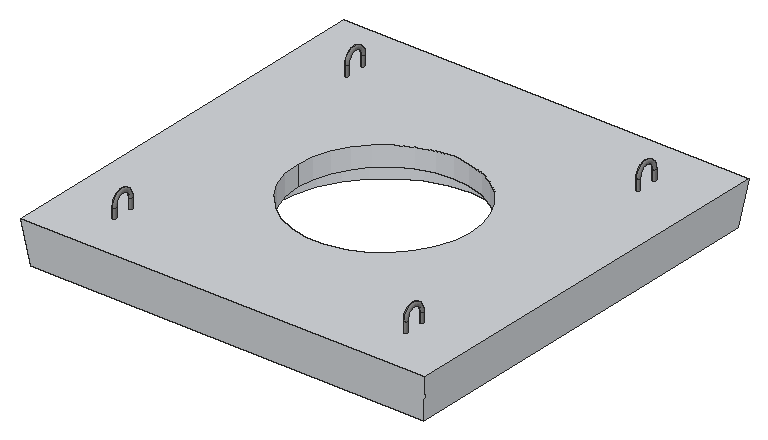
Revit family "110402-00042 Плита опорная ОП-1к МТ", category Обобщенные модели, Revit 2019
Family settings
  Может служить основой для арматурных стержней = Нет
  Размер круглого соединителя = Использовать диаметр
  Тип детали = Нормальный
  На основе рабочей плоскости = Нет
  Всегда вертикально = Да
  При загрузке вырезать с полостями = Нет
  Общий = Нет
  Точка расчета площади = Нет
Parameters (values of type "Плита опорная ОП-1к МТ")
  ADSK_Ширина [instance] = 1400 mm
  ADSK_Ссылка на сайт = "https://www.ssd.ru/plita-opornaya-op-1k-mt"
  ADSK_Сертификат соответсвия = "https://www.ssd.ru/upload/iblock/83a/sert_b20_0221.pdf"
  ADSK_Наименование = "Плита опорная ОП-1к МТ"
  ADSK_Масса = "570"
  ADSK_Марка = "ОП-1к МТ"
  ADSK_Код изделия = "110402-00042"
  ADSK_Изготовитель = "АО СВЯЗЬСТРОЙДЕТАЛЬ"
  ADSK_Длина [instance] = 1400 mm
  ADSK_Высота [instance] = 150 mm
Reference planes
  plane 1 "По центру (Вперед/Назад)": y = 0
  plane 2: z = 0
  plane 3 "По центру (Влево/Вправо)": x = 0
  plane 4: x = -700
  plane 5: x = 700
  plane 6: y = 700
  plane 7: y = -700
  plane 8: z = 150
  plane 9: z = 80
Forms (mm)
  Extrusion 1, solid
    sketch origin (0, 0, 0) x (1, 0, 0) y (0, 1, 0)
      loop
        line (-700, 700) -> (-700, -700) -> (700, -700) -> (700, 700) -> (-700, 700)
    from 0 to 150
  Extrusion 2, void
    sketch origin (0, 0, 0) x (1, 0, 0) y (0, 0, 1)
      loop
        line (700, 0) -> (700, 150) -> (680, 0) -> (700, 0)
    from -700 to 700
  Extrusion 3, void
    sketch origin (0, 0, 0) x (-1, 0, 0) y (0, 0, -1)
      loop
        line (700, 0) -> (680, 0) -> (700, -150) -> (700, 0)
    from -700 to 700
  Extrusion 4, void
    sketch origin (0, 0, 0) x (0, 1, 0) y (0, 0, 1)
      loop
        line (700, 0) -> (700, 150) -> (680, 0) -> (700, 0)
    from -700 to 700
  Extrusion 5, void
    sketch origin (0, 0, 0) x (0, -1, 0) y (0, 0, -1)
      loop
        line (700, 0) -> (680, 0) -> (700, -150) -> (700, 0)
    from -700 to 700
  Extrusion 6, void
    sketch origin (0, 0, 0) x (1, 0, 0) y (0, 1, 0)
      loop
        circle (0, 0) r 380
    from 0 to 80
  Extrusion 7, void
    sketch origin (0, 0, 0) x (1, 0, 0) y (0, 1, 0)
      loop
        circle (0, 0) r 300
    from 80 to 150
  Sweep 8, solid, material "Новый материал (по умолчанию)", detail levels fine
    path origin (-833.771, 1038, 0) x (0, -1, 0) y (0, 0, 1)
      loop
        line (570, 150) -> (570, 185)
        arc (570, 185) -> (535, 220) -> (500, 185) r 35
        line (500, 185) -> (500, 150)
    profile origin (-833.771, 468, 167.5) x (0, 1, 0) y (-1, 0, 0)
      loop
        circle (0, -329.771) r 6
  Sweep 9, solid, material "Новый материал (по умолчанию)", detail levels fine
    path origin (833.771, 1038, 0) x (0, -1, 0) y (0, 0, -1)
      loop
        line (570, -150) -> (570, -185)
        arc (570, -185) -> (535, -220) -> (500, -185) r 35
        line (500, -185) -> (500, -150)
    profile origin (833.771, 468, 167.5) x (0, -1, 0) y (1, 0, 0)
      loop
        circle (0, -329.771) r 6
  Sweep 10, solid, material "Новый материал (по умолчанию)", detail levels fine
    path origin (833.771, -1038, 0) x (0, 1, 0) y (0, 0, 1)
      loop
        line (570, 150) -> (570, 185)
        arc (570, 185) -> (535, 220) -> (500, 185) r 35
        line (500, 185) -> (500, 150)
    profile origin (833.771, -468, 167.5) x (0, -1, 0) y (1, 0, 0)
      loop
        circle (0, -329.771) r 6
  Sweep 11, solid, material "Новый материал (по умолчанию)", detail levels fine
    path origin (-833.771, -1038, 0) x (0, 1, 0) y (0, 0, -1)
      loop
        line (570, -150) -> (570, -185)
        arc (570, -185) -> (535, -220) -> (500, -185) r 35
        line (500, -185) -> (500, -150)
    profile origin (-833.771, -468, 167.5) x (0, 1, 0) y (-1, 0, 0)
      loop
        circle (0, -329.771) r 6
Cuts and joins
  Extrusion 2, Extrusion 3, Extrusion 4, Extrusion 5, Extrusion 6, Extrusion 7 cuts Extrusion 1
Dimensions and locks
  "ADSK_Ширина": plane 4 to plane 5
  equal spacing: plane 4, plane 3 "По центру (Влево/Вправо)", plane 5
  "ADSK_Длина": plane 6 to plane 7
  equal spacing: plane 6, plane 1 "По центру (Вперед/Назад)", plane 7
  "ADSK_Высота": plane 2 to plane 8
  plane 2 to plane 9 = 80 mm
  aligned and locked: level to plane 2
  aligned and locked: Extrusion 1 sketch curve to plane 6
  aligned and locked: plane 4 to Extrusion 1 sketch curve
  aligned and locked: plane 7 to Extrusion 1 sketch curve
  aligned and locked: Extrusion 1 sketch curve to plane 5
  aligned and locked: plane 8 to Extrusion 1
  aligned and locked: plane 6 to Extrusion 3
  aligned and locked: Extrusion 3 to plane 7
  aligned and locked: plane 6 to Extrusion 2
  aligned and locked: Extrusion 2 to plane 7
  aligned and locked: Extrusion 4 to plane 4
  aligned and locked: plane 5 to Extrusion 4
  aligned and locked: Extrusion 5 to plane 4
  aligned and locked: plane 5 to Extrusion 5
  aligned and locked: plane 9 to Extrusion 6
  aligned and locked: Extrusion 1 to Extrusion 7
  aligned and locked: Extrusion 7 to Extrusion 6
Automatic sketch dimensions
  Extrusion 2 sketch curve to level = 0 mm
  Extrusion 2 sketch curve to plane 5 = 0 mm
  Extrusion 2 sketch curve to plane 8 = 0 mm
  Extrusion 2 sketch curve to Extrusion 2 sketch curve = 20 mm
  Extrusion 3 sketch curve to level = 0 mm
  Extrusion 3 sketch curve to plane 4 = 0 mm
  Extrusion 3 sketch curve to plane 8 = 0 mm
  Extrusion 3 sketch curve to Extrusion 3 sketch curve = 20 mm
  Extrusion 4 sketch curve to level = 0 mm
  Extrusion 4 sketch curve to plane 6 = 0 mm
  Extrusion 4 sketch curve to plane 8 = 0 mm
  Extrusion 4 sketch curve to plane 6 = 20 mm
  Extrusion 5 sketch curve to level = 0 mm
  Extrusion 5 sketch curve to plane 7 = 0 mm
  Extrusion 5 sketch curve to plane 8 = 0 mm
  Extrusion 5 sketch curve to plane 7 = 20 mm
  plane 1 "По центру (Вперед/Назад)" to Extrusion 6 sketch curve = 0 mm
  Extrusion 6 sketch curve to plane 3 "По центру (Влево/Вправо)" = 0 mm
  plane 1 "По центру (Вперед/Назад)" to Extrusion 7 sketch curve = 0 mm
  Extrusion 7 sketch curve to plane 3 "По центру (Влево/Вправо)" = 0 mm
  Sweep 8 sketch curve to plane 8 = 0 mm  (x2)
  plane 8 to Sweep 8 sketch curve = 35 mm
  Sweep 8 sketch curve to plane 6 = 162 mm
  Sweep 8 sketch curve to Sweep 8 sketch curve = 35 mm
  profile plane to Sweep 8 sketch curve = 0 mm
  Sweep 8 sketch curve to profile plane = 329.771 mm
  Sweep 9 sketch curve to plane 8 = 0 mm  (x2)
  plane 8 to Sweep 9 sketch curve = 35 mm
  Sweep 9 sketch curve to plane 6 = 162 mm
  Sweep 9 sketch curve to Sweep 9 sketch curve = 35 mm
  Sweep 9 sketch curve to profile plane = 0 mm
  Sweep 9 sketch curve to profile plane = 329.771 mm
  Sweep 10 sketch curve to plane 8 = 0 mm  (x2)
  plane 8 to Sweep 10 sketch curve = 35 mm
  plane 7 to Sweep 10 sketch curve = 162 mm
  Sweep 10 sketch curve to Sweep 10 sketch curve = 35 mm
  Sweep 10 sketch curve to profile plane = 0 mm
  Sweep 10 sketch curve to profile plane = 329.771 mm
  Sweep 11 sketch curve to plane 8 = 0 mm  (x2)
  plane 8 to Sweep 11 sketch curve = 35 mm
  plane 7 to Sweep 11 sketch curve = 162 mm
  Sweep 11 sketch curve to Sweep 11 sketch curve = 35 mm
  profile plane to Sweep 11 sketch curve = 0 mm
  Sweep 11 sketch curve to profile plane = 329.771 mm
  radius of Extrusion 6 sketch curve = 380 mm
  radius of Extrusion 7 sketch curve = 300 mm
  radius of Sweep 8 sketch curve = 6 mm
  radius of Sweep 9 sketch curve = 6 mm
  radius of Sweep 10 sketch curve = 6 mm
  radius of Sweep 11 sketch curve = 6 mm
